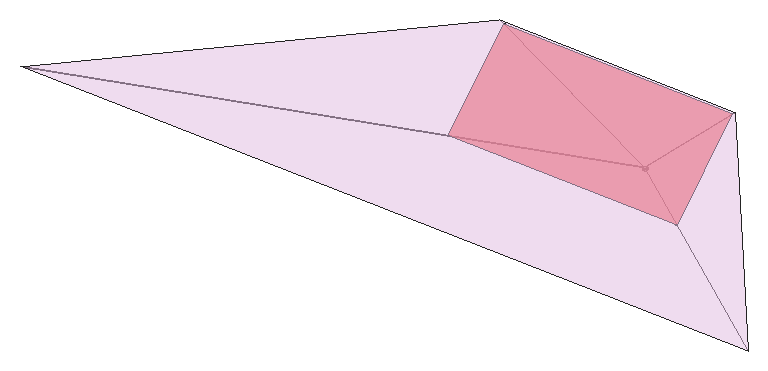
Revit family "Camera-Security-Panasonic-Super_Dynamic-Vandal_Resistant-Waterproof-H265_iA-Network-U2530LSeriesX", category Security Devices, host Face, Revit 2019
Family settings
  Host = Face
  Maintain Annotation Orientation = No
  Round Connector Dimension = Use Diameter
  Part Type = Normal
  OmniClass Number = 23.85.10.14.11
  OmniClass Title = Cameras
  Cut with Voids When Loaded = No
  Shared = No
  Room Calculation Point = No
Parameters (values of type "WV-U2530L")
  z Zero = 0.000"  # constant formula
  z Yaw Actual [instance] = if(and(On Wall, not(On Ceiling)), Yaw Actual, Yaw Actual + 180.00°)  # 180.00°
  z VV Viewpoint Depth Min = 0.84913"  # constant formula
  z VV Viewpoint Depth Max = 0.84913"  # constant formula
  z VV Viewpoint Depth [instance] = (z VV Viewpoint Depth Max - z VV Viewpoint Depth Min) * z HFOV Ratio + z VV Viewpoint Depth Min  # 0.84913"
  z VV Origin Horizontal Offset [instance] = 0.000"  # constant formula
  z VV Origin Height [instance] = 1.24803"  # constant formula
  z VV Origin Angle [instance] = 0.00°  # constant formula
  z Tilt Actual [instance] = Tilt Actual  # 45.00°
  z Pan Actual Safe [instance] = if(Pan Actual = -180.00°, 180.00°, Pan Actual)  # 0.00°
  z Pan Actual [instance] = Pan Actual  # 0.00°
  z Level Offset = 19.68504"
  z Has Ceiling Mount Bracket = (1 = 0)  # no
  z Half Height of LowerBase = (z Base Height - 0.500") / 2  # 0.33858"
  z HFOV Ratio [instance] = if(Horizontal FOV Max = Horizontal FOV Min, 1, (Horizontal FOV Actual - Horizontal FOV Min) / (Horizontal FOV Max - Horizontal FOV Min))  # 1
  z Dome Radius = Height - z Base Height  # 1.26378"
  z Const Yaw Handle Length = 9.25197"  # constant formula
  z Const Yaw Base2 Length = 17.32283"  # constant formula
  z Const Yaw Base Length = 10.23622"  # constant formula
  z Const Tilt Handle Length = 11.81102"  # constant formula
  z Const Tilt Base2 Length = 19.68504"  # constant formula
  z Const Tilt Base Length = 9.84252"  # constant formula
  z Const Pan Handle Length = 19.48819"  # constant formula
  z Camera Center Offset [instance] = if(z Has Wall Mount Bracket, 0.51181", 0.000")  # 0.000"
  z Camera Bottom Height [instance] = 19.68504"
  z Camera Angle [instance] = if(z Has Wall Mount Bracket, 0.00°, 90.00°)  # 90.00°
  z Base Radius = 2.14567"  # constant formula
  z Base Height = 1.17717"  # constant formula
  Yawing Range = "-100 to +100"  # constant formula
  Yaw Min = -100.00°  # constant formula
  Yaw Max = 100.00°  # constant formula
  Yaw Desired [instance] = 0.00°
  Yaw Actual [instance] = if(Yaw Desired > Yaw Max, Yaw Max, if(Yaw Desired < Yaw Min, Yaw Min, Yaw Desired))  # 0.00°
  Wide Dynamic Range = yes
  Weight [instance] = 0.60 lbf  # constant formula
  Water and Dust Resistance = "IP66 (IEC 60529), Type 4X (UL50E), NEMA 4X compliant"  # constant formula
  Voltage DC = 48 V  # constant formula
  Vertical FOV Min [instance] = if(and(Aspect Ratio 4_3, not(Aspect Ratio 16_9)), VFOV Min 43, VFOV Min 169)  # 54.00°
  Vertical FOV Max [instance] = if(and(Aspect Ratio 4_3, not(Aspect Ratio 16_9)), VFOV Max 43, VFOV Max 169)  # 54.00°
  Vertical FOV Actual [instance] = z HFOV Ratio * (Vertical FOV Max - Vertical FOV Min) + Vertical FOV Min  # 54.00°
  Vandal Resistant = yes
  VFOV Min 43 = 60.00°
  VFOV Min 169 = 54.00°
  VFOV Max 43 = 60.00°
  VFOV Max 169 = 54.00°
  URL = "http://security.panasonic.com/pss/security/"
  Tilting Range = "-30 to +80"  # constant formula
  Tilt Min = -30.00°  # constant formula
  Tilt Max = 80.00°  # constant formula
  Tilt Desired [instance] = 45.00°
  Tilt Actual [instance] = if(Tilt Desired > Tilt Max, Tilt Max, if(Tilt Desired < Tilt Min, Tilt Min, Tilt Desired))  # 45.00°
  Storage Temperature = Operational Temperature  # "-30 °C to +50 °C (-22 °F to +122 °F)"
  Show View Volume [instance] = yes
  Shock Resistance = "IK10 (IEC 62262)"  # constant formula
  Resolution_WQHD [instance] = and(not(Resolution_FullHD), Camera Type = 2540)  # no
  Resolution_HD [instance] = and(not(Resolution_FullHD), Camera Type = 2530)  # no
  Resolution_FullHD [instance] = yes
  Regulatory Compliance = "UL (UL60950-1), c-UL (CSA C22.2 No.60950-1), CE, IEC60950-1, FCC (Part15 ClassA), ICES003 ClassA, EN55032 ClassB, EN55024"  # constant formula
  Provide Feedback = "https://www.surveymonkey.com/s/95FL6QY"
  Product Page URL = "https://security.panasonic.com/products_technology/products/wv-u2530l/"
  Product Material = Paint - Panasonic - i-PRO White
  Product Documentation Link = "https://bizpartner.panasonic.net/public/ppr/product/11183?accordion_tab=1134"
  Power Active = 4.8 W
  Part Number = Model  # "WV-U2530L"
  Part Description = Description  # "Security Camera, Fixed Dome, Network, Super Dynamic Vandal Resistant  Weatherproof, H.265 iA, FullHD, WV-U2530L"
  Panning Range = "-175 to +175"  # constant formula
  Pan Min = -175.00°  # constant formula
  Pan Max = 175.00°  # constant formula
  Pan Desired [instance] = 0.00°
  Pan Actual [instance] = if(Pan Desired > Pan Max, Pan Max, if(Pan Desired < Pan Min, Pan Min, Pan Desired))  # 0.00°
  PPM Desired [instance] = 300
  PPM Actual [instance] = if(PPM Desired > 1, PPM Desired, 1)  # 300
  Original Creation Date = "2020/04/07"  # constant formula
  Operational Temperature = "-30 °C to +50 °C (-22 °F to +122 °F)"  # constant formula
  Operational Humidity = "10 to 100 % (no condensation)"  # constant formula
  On Wall [instance] = not(On Ceiling)  # no
  On Ceiling [instance] = yes
  Mounting Positions = "Surface Mount"  # constant formula
  Model Disclaimer = "Contact Panasonic for more information"  # constant formula
  Model = "WV-U2530L"
  Minimum Illumination = 0.100 lx
  Manufacturer = "Panasonic"  # constant formula
  Indoor Or Outdoor = "Outdoor"  # constant formula
  IP Or Analog = "IP"  # constant formula
  Horizontal Resolution Actual [instance] = if(and(Aspect Ratio 4_3, not(Aspect Ratio 16_9)), Horizontal Resolution 43, Horizontal Resolution 169)  # 1920
  Horizontal Resolution 43 [instance] = if(Resolution_FullHD, 1600, if(Resolution_HD, 1280, 1600))  # 1600
  Horizontal Resolution 169 [instance] = if(Resolution_FullHD, 1920, if(Resolution_WQHD, 2560, if(Resolution_HD, 1280, 1920)))  # 1920
  Horizontal FOV Min [instance] = if(and(Aspect Ratio 4_3, not(Aspect Ratio 16_9)), HFOV Min 43, HFOV Min 169)  # 100.00°
  Horizontal FOV Max [instance] = if(and(Aspect Ratio 4_3, not(Aspect Ratio 16_9)), HFOV Max 43, HFOV Max 169)  # 100.00°
  Horizontal FOV Desired [instance] = 60.00°
  Horizontal FOV Actual [instance] = if(Horizontal FOV Desired > Horizontal FOV Max, Horizontal FOV Max, if(Horizontal FOV Desired < Horizontal FOV Min, Horizontal FOV Min, Horizontal FOV Desired))  # 100.00°
  Height = 2.44094"  # constant formula
  z Has Wall Mount Bracket = (1 = 0)  # no
  Has POE = yes
  HFOV Min 43 = 81.00°
  HFOV Min 169 = 100.00°
  HFOV Max 43 = 81.00°
  HFOV Max 169 = 100.00°
  Family Version = "1.0.0"  # constant formula
  Equipment Number [instance] = ""
  Equipment Abbreviation = "SC"
  Distance to Screen [instance] = 393.70079"
  Distance to PPM Target [instance] = if(PPM Actual = 0, 0.000", 39.37008" * Horizontal Resolution Actual / (PPM Actual * 2 * tan(Horizontal FOV Actual / 2)))  # 105.71334"
  Distance to Floor [instance] = 118.11024"
  Distance to Ceiling [instance] = 0.000"
  Diameter = 4.29134"  # constant formula
  Description = "Security Camera, Fixed Dome, Network, Super Dynamic Vandal Resistant  Weatherproof, H.265 iA, FullHD, WV-U2530L"
  Default Elevation = 0.000"
  Day Or Night = "Yes"  # constant formula
  Date Last Modified = "2020/04/07"  # constant formula
  Copyright = "Copyright © Panasonic"  # constant formula
  Communication Ports = "10Base-T / 100Base-TX, RJ45 connector"  # constant formula
  Camera Type = 2530
  Audio Out = "N/A"  # constant formula
  Audio In = "N/A"  # constant formula
  Aspect Ratio 4_3 [instance] = and(not(Aspect Ratio 16_9), Camera Type = 2530)  # no
  Aspect Ratio 16_9 [instance] = yes
  Angle Of View = "100"
  Alarm Input Or Output Specification = "N/A"  # constant formula
  Accessory Part Number [instance] = Accessory Part  # "WV-QDC500S"
  Accessory Part = "WV-QDC500S"  # constant formula
Types (2): name | VFOV Min 43 | VFOV Max 43 | Resolution_WQHD | Resolution_FullHD | Product Page URL | Product Documentation Link | Power Active | Part Number | Part Description | Model | Minimum Illumination | Horizontal Resolution Actual | Horizontal Resolution 169 | HFOV Min 43 | HFOV Max 43 | Distance to PPM Target | Description | Camera Type
  WV-U2530L | 60.00° | 60.00° | no | yes | "https://security.panasonic.com/products_technology/products/wv-u2530l/" | "https://bizpartner.panasonic.net/public/ppr/product/11183?accordion_tab=1134" | 4.8 W | "WV-U2530L" | "Security Camera, Fixed Dome, Network, Super Dynamic Vandal Resistant  Weatherproof, H.265 iA, FullHD, WV-U2530L" | "WV-U2530L" | 0.100 lx | 1920 | 1920 | 81.00° | 81.00° | 105.71334" | "Security Camera, Fixed Dome, Network, Super Dynamic Vandal Resistant  Weatherproof, H.265 iA, FullHD, WV-U2530L" | 2530
  WV-U2540L | 54.00° | 54.00° | yes | no | "https://security.panasonic.com/products_technology/products/wv-u2540l/" | "https://bizpartner.panasonic.net/public/ppr/product/11184?accordion_tab=1134" | 5.3 W | "WV-U2540L" | "Security Camera, Fixed Dome, Network, Super Dynamic Vandal Resistant  Weatherproof, H.265 iA, WQHD, WV-U2540L" | "WV-U2540L" | 0.300 lx | 2560 | 2560 | 100.00° | 100.00° | 140.95112" | "Security Camera, Fixed Dome, Network, Super Dynamic Vandal Resistant  Weatherproof, H.265 iA, WQHD, WV-U2540L" | 2540
Reference planes (in)
  plane 1 "Center (Front/Back)": y = 0
  plane 2: z = 0
  plane 3 "Center (Left/Right)": x = 0
  plane 4 "Body Bottom": z = 0
  plane 5: y = 0
  plane 6: z = 15.43307
  plane 7 "Level Offset": z = -19.68504
  plane 8: y = 2.8937
  plane 9 "BP": z = 1.24803
  plane 10: z = 1.17717
  plane 11: x = 2.14567
Forms (in)
  Revolve 1, solid
    sketch origin (0, 0, 1.06947) x (0, 0, 1) y (1, 0, 0)
      loop
        line (1.37148, 0) -> (0.1077, 0) -> (0.1077, -1.26378)
        arc (0.1077, -1.26378) -> (1.00133, -0.89363) -> (1.37148, 0) r 1.26378
      axis (1.37148, 0) -> (0.1077, 0)
    angle from 0 to 360
  Revolve 2, solid, material "Paint - Panasonic - i-PRO White" <- "Product Material"
    sketch origin (0, 0, 0) x (0, 0, 1) y (1, 0, 0)
      loop
        line (0, 0) -> (1.17717, 0) -> (1.17717, 1.55906) -> (0.59055, 2.14567) -> (0, 2.14567) -> (0, 0)
      axis (1.17717, 0) -> (0, 0)
    angle from 0 to 360
  Revolve 3, solid, material "Paint - Panasonic - i-PRO White" <- "Product Material", not visible
    sketch origin (0, 0, 0) x (0, 0, 1) y (0, -1, 0)
      loop
        line (1.17717, 0) -> (1.09843, 0) -> (1.09843, -1.26378) -> (1.17717, -1.26378) -> (1.17717, 0)
      axis (1.09843, 0) -> (1.17717, 0)
    angle from 0 to 360
Lines and regions (in)
  reference lines
    curve 1: line (0, 0, 0) -> (0, 0, 1.17717)
    curve 2: line (0, -1, 9.86467) -> (0, 1, 9.86467)
  symbolic lines, visible <- "z Has Wall Mount Bracket"
    curve 3: line (-1.15, -2.6875, 0) -> (1.15, -2.6875, 0)
Dimensions and locks (in)
  "z Camera Center Offset": plane 5 to plane 1 "Center (Front/Back)"
  "z Base Height": curve 1 to curve 1
  "z Dome Radius": Revolve 1 sketch curve to Revolve 1 sketch curve
  plane 8 to plane 5 = 2.8937"
  "z Dome Radius": Revolve 3 sketch curve to Revolve 3 sketch curve
  "z VV Origin Height": plane 9 "BP" to host face
  "z Level Offset": level to plane 7 "Level Offset"
  "z Camera Bottom Height": plane 4 "Body Bottom" to plane 7 "Level Offset"
  "z Base Height": plane 10 to level
  "z Base Radius": plane 11 to plane 3 "Center (Left/Right)"
  "z Dome Radius": radius of Revolve 1 sketch curve
  "z Camera Angle": angle curve 1 to plane 4 "Body Bottom"
  aligned and locked: plane 2 to host face
  aligned and locked: level to host face
  aligned and locked: plane 4 "Body Bottom" to curve 1
  aligned and locked: plane 5 to curve 1
  aligned and locked: Revolve 1 to curve 1
  aligned and locked: Revolve 1 sketch curve to curve 1  (x2)
  aligned and locked: curve 1 to Revolve 3 sketch curve
  aligned and locked: nested 1 to plane 3 "Center (Left/Right)"
  aligned and locked: nested 1 to plane 1 "Center (Front/Back)"
  aligned and locked: Revolve 2 sketch curve to plane 10
  aligned and locked: plane 11 to Revolve 2 sketch curve
Automatic sketch dimensions
  host sketch curve to host sketch curve = 96.000"  (x2)
  curve 3 to plane 3 "Center (Left/Right)" = 1.150"
  plane 3 "Center (Left/Right)" to curve 3 = 1.150"
  curve 1 to curve 2 = 1.000"
  curve 1 to curve 2 = 8.6875"
  curve 2 to curve 1 = 1.000"
  plane 1 "Center (Front/Back)" to curve 3 = 2.6875"
  Revolve 1 sketch curve to curve 1 = 0.000"
  Revolve 1 sketch curve to Revolve 1 sketch curve = 6.57187"
  Revolve 1 sketch curve to Revolve 1 sketch curve = 3.750"
  Revolve 3 sketch curve to curve 1 = 0.07874"
  Revolve 3 sketch curve to curve 1 = 0.000"  (x4)
  Revolve 2 sketch curve to curve 1 = 0.000"  (x3)
  curve 1 to Revolve 2 sketch curve = 1.55906"
  Revolve 2 sketch curve to curve 1 = 0.58661"
  Revolve 2 sketch curve to Revolve 2 sketch curve = 0.45341"
  curve 1 to Revolve 2 sketch curve = 0.35909"
Nested families (in)
  nested 1: "Camera-Security-Panasonic-ViewVolumePTYZ" at (0, 0, 1.24803), Viewpoint Depth <- "z VV Viewpoint Depth", Base Height Offset <- "z VV Origin Height", Base Angle Offset <- "z VV Origin Angle", Viewpoint Origin Horizontal Offset <- "z VV Origin Horizontal Offset", Yaw <- "Yaw Actual", Tilt <- "Tilt Actual", Pan <- "Pan Actual", HFOV <- "Horizontal FOV Actual", VFOV <- "Vertical FOV Actual", On Wall <- "On Wall", On Ceiling <- "On Ceiling", Screen Depth <- "Distance to Screen", Floor Distance <- "Distance to Floor", Ceiling Distance <- "Distance to Ceiling", Target Depth <- "Distance to PPM Target", visible <- "Show View Volume", type "Camera-Security-Panasonic-ViewVolumePTYZ"
    with z Yaw Actual 0.00°, z Void Width 1729.98456", z Void Thickness 395.79795", z Void Height Start -864.99228", z Void Height End 864.99228", z Void Direction 0, z Void Angle 0.00°, z Viewpoint Depth 0.84913", z Tilt Actual 45.00°, z Target Width 251.9685", z Target Visible yes, z Target Height 107.72727", z Target Depth 106.56247", z Screen Width 938.38866", z Screen Height 401.20114", z Screen Depth 394.54992", z Pan Actual 0.00°, z Floor Distance 118.11024", z Ceiling Distance 0.000", Yaw 0.00°, Viewpoint Origin Horizontal Offset 0.000", Viewpoint Depth 0.84913", VFOV 54.00°, Tilt 45.00°, Target Depth 105.71334", Screen Depth 393.70079", Pan 0.00°, On Wall no, On Floor no, On Default Mount Type 0, On Ceiling yes, HFOV 100.00°, Floor Distance 118.11024", Ceiling Distance 0.000", Base Height Offset 1.24803", Base Angle Offset 0.00°
Connectors (in)
  electrical at (0, 0, 0), driven by "Voltage DC", driven by "Power Active"
    settings: on Revolve 2, index 1, voltage 48 V, apparent load 4.8 W, apparent load phase1 0.0 W, apparent load phase2 0.0 W, apparent load phase3 0.0 W, power factor 1, load classification "Other", number of poles 1, system type 30, power factor state 1, is connector primary yes, connector utility no, sub classification motor no, connector description "Electrical Connection"
  electrical at (0, 0, 0)
    settings: on Revolve 2, index 2, voltage 0 V, apparent load 0.0 W, apparent load phase1 0.0 W, apparent load phase2 0.0 W, apparent load phase3 0.0 W, power factor 1, load classification "Other", number of poles 1, system type 5, power factor state 1, is connector primary no, connector utility no, sub classification motor no, connector description "Data Connection"
Definition of nested family "Camera-Security-Panasonic-ViewVolumePTYZ"
  Parameters
    z Yaw Actual [instance] = if(Yaw < 0.00°, 360.00° - (abs(Yaw) - rounddown(abs(Yaw) / 360.00°) * 360.00°), Yaw - rounddown(Yaw / 360.00°) * 360.00°)  # 0.00°
    z Void Width [instance] = if(z Screen Width > z Screen Height, z Screen Width, z Screen Height) + abs(Viewpoint Origin Horizontal Offset) + z Void Thickness * 2  # 1265.63013"
    z Void Thickness [instance] = z Screen Depth + abs(Base Height Offset)  # 405.51181"
    z Void Height Start [instance] = -z Void Width / 2  # -632.81507"
    z Void Height End [instance] = z Void Width / 2  # 632.81507"
    z Void Direction [instance] = if((if(On Wall, 1, 0) + if(On Floor, 1, 0) + if(On Ceiling, 1, 0)) = 1, if(On Ceiling, 0, if(On Wall, 1, 2)), On Default Mount Type)  # 0
    z Viewpoint Depth [instance] = if(Viewpoint Depth < 0.03937", 0.03937", Viewpoint Depth)  # 5.90551"
    z Tilt Actual [instance] = if(Tilt < 0.00°, 360.00° - (abs(Tilt) - rounddown(abs(Tilt) / 360.00°) * 360.00°), Tilt - rounddown(Tilt / 360.00°) * 360.00°)  # 45.00°
    z Target Visible [instance] = not(Screen Depth < Target Depth)  # yes
    z Target Thickness Start = -z Target Thickness / 2  # -0.03937"
    z Target Thickness End = z Target Thickness / 2  # 0.03937"
    z Target Depth [instance] = Target Depth + Viewpoint Depth  # 84.64567"
    z Pan Actual [instance] = if(Pan < 0.00°, 360.00° - (abs(Pan) - rounddown(abs(Pan) / 360.00°) * 360.00°), Pan - rounddown(Pan / 360.00°) * 360.00°)  # 0.00°
    z Floor Distance [instance] = if(z Void Direction = 2, if(Floor Distance < 0.000", 0.000", Floor Distance), if(Floor Distance < 0.3937", 0.3937", Floor Distance))  # 118.11024"
    z Const Yaw Base2 Length = 17.32283"  # constant formula
    z Const Tilt Base2 Length = 19.68504"  # constant formula
    z Ceiling Distance [instance] = if(z Void Direction = 2, if(Ceiling Distance < 0.3937", 0.3937", Ceiling Distance), if(Ceiling Distance < 0.000", 0.000", Ceiling Distance))  # 0.000"
    z Const Void Handle Length = 23.62205"  # constant formula
    z Void Angle [instance] = if(z Void Direction = 0, 0.00° + Base Angle Offset, if(z Void Direction = 1, 90.00° + Base Angle Offset, 180.00° + Base Angle Offset))  # 0.00°
    z Screen Depth [instance] = if(Screen Depth < 3.93701", 3.93701" + Viewpoint Depth, Screen Depth + Viewpoint Depth)  # 399.6063"
    Original Creation Date = "September, 15, 2016"  # constant formula
    On Default Mount Type [instance] = 0
    Manufacturer = "Panasonic"  # constant formula
    Family Version = "1.0.0"  # constant formula
    Default Elevation = 48.000"
    Date Last Modified = "September, 15, 2016"  # constant formula
    Copyright = "Copyright © Panasonic"  # constant formula
    Base Height Offset [instance] = 5.90551"
    Base Angle Offset [instance] = 0.00°
    z Viewpoint Width = 0.03937"  # constant formula
    z Viewpoint Height = 0.03937"  # constant formula
    VFOV [instance] = 33.75°
    z Target Width [instance] = Target Depth * tan(HFOV / 2) * 2  # 90.9213"
    z Target Thickness = 0.07874"  # constant formula
    z Target Height [instance] = Target Depth * tan(VFOV / 2) * 2  # 47.77113"
    Target Depth [instance] = 78.74016"
    z Screen Width [instance] = (z Screen Depth - Viewpoint Depth) * tan(HFOV / 2) * 2  # 454.60651"
    z Screen Height [instance] = (z Screen Depth - Viewpoint Depth) * tan(VFOV / 2) * 2  # 238.85566"
    Screen Depth [instance] = 393.70079"
    z Const Yaw Handle Length = 9.25197"  # constant formula
    z Const Yaw Base Length = 10.23622"  # constant formula
    Viewpoint Depth [instance] = 5.90551"
    Viewpoint Origin Horizontal Offset [instance] = 0.000"
    z Const Tilt Handle Length = 14.17323"  # constant formula
    z Const Tilt Base Length = 9.84252"  # constant formula
    z Const Pan Handle Length = 19.68504"  # constant formula
    z Const Pan Axis Length = 15.74803"  # constant formula
    On Wall [instance] = no
    On Floor [instance] = no
    On Ceiling [instance] = yes
    HFOV [instance] = 60.00°
    Yaw [instance] = 0.00°
    Tilt [instance] = 45.00°
    Pan [instance] = 0.00°
    Floor Distance [instance] = 118.11024"
    Ceiling Distance [instance] = 0.000"
  Reference planes (in)
    plane 1 "Center (Front/Back)": y = 0
    plane 2: z = 0
    plane 3 "Center (Left/Right)": x = 0
    plane 4 "VoidOffsetBase": z = -5.90551
  Forms (in)
    Extrusion 1, void
      sketch origin (0, 0, -5.90551) x (0, 0, 1) y (0, -1, 0)
        loop
          line (523.62205, 632.81507) -> (118.11024, 632.81507) -> (118.11024, -632.81507) -> (523.62205, -632.81507) -> (523.62205, 632.81507)
        loop
          line (0, 632.81507) -> (-405.51181, 632.81507) -> (-405.51181, -632.81507) -> (0, -632.81507) -> (0, 632.81507)
      from -632.81507 <- "z Void Height Start" to 632.81507 <- "z Void Height End"
    Blend 2, solid
      base sketch origin (0, -4.17583, 4.17583) x (0, 0.707107, 0.707107) y (-1, 0, 0)
        loop
          line (-0.01969, -0.01969) -> (0.01969, -0.01969) -> (0.01969, 0.01969) -> (-0.01969, 0.01969) -> (-0.01969, -0.01969)
      top sketch origin (0, -282.56432, 282.56432) x (0, 0.707107, 0.707107) y (-1, 0, 0)
        loop
          line (-119.42783, -227.30326) -> (119.42783, -227.30326) -> (119.42783, 227.30326) -> (-119.42783, 227.30326) -> (-119.42783, -227.30326)
      from 0 to 0
    Extrusion 3, solid, visible <- "z Target Visible"
      sketch origin (0, -59.85353, 59.85353) x (0, 0.707107, 0.707107) y (-1, 0, 0)
        loop
          line (-23.88557, -45.46065) -> (23.88557, -45.46065) -> (23.88557, 45.46065) -> (-23.88557, 45.46065) -> (-23.88557, -45.46065)
      from -0.03937 <- "z Target Thickness Start" to 0.03937 <- "z Target Thickness End"
  Cuts and joins
    Extrusion 1 cuts Blend 2
    Extrusion 1 cuts Extrusion 3
  Lines and regions (in)
    reference lines
      curve 1: line (0, 0, 0) -> (19.68504, 0, 0)
      curve 2: line (0, 0, -15.74803) -> (0, 0, 0)
      curve 3: line (0, 0, 0) -> (0, -9.84252, 0)
      curve 4: line (0, 0, 0) -> (0, 0, 19.68504)
      curve 5: line (0, -10.02199, 10.02199) -> (0, 0, 0)
      curve 6: line (0, 0, 0) -> (0, 7.2381, 7.2381)
      curve 7: line (0, 0, 0) -> (-17.32283, 0, 0)
      curve 8: line (0, 0, 0) -> (-9.25197, 0, 0)
      curve 9: line (0, -4.17583, 4.17583) -> (0, 0, 0)
      curve 10: line (0, 0, 0) -> (0, -59.85353, 59.85353)
      curve 11: line (0, 0, 0) -> (0, -282.56432, 282.56432)
      curve 12: line (-0.01969, -4.16191, 4.18975) -> (0.01969, -4.16191, 4.18975)
      curve 13: line (-0.01969, -4.18975, 4.16191) -> (0.01969, -4.18975, 4.16191)
      curve 14: line (-0.01969, -4.16191, 4.18975) -> (-0.01969, -4.18975, 4.16191)
      curve 15: line (0.01969, -4.16191, 4.18975) -> (0.01969, -4.18975, 4.16191)
      curve 16: line (-45.46065, -42.96388, 76.74317) -> (45.46065, -42.96388, 76.74317)
      curve 17: line (-45.46065, -76.74317, 42.96388) -> (45.46065, -76.74317, 42.96388)
      curve 18: line (-45.46065, -42.96388, 76.74317) -> (-45.46065, -76.74317, 42.96388)
      curve 19: line (45.46065, -42.96388, 76.74317) -> (45.46065, -76.74317, 42.96388)
      curve 20: line (-227.30326, -198.1161, 367.01255) -> (-227.30326, -367.01255, 198.1161)
      curve 21: line (227.30326, -198.1161, 367.01255) -> (227.30326, -367.01255, 198.1161)
      curve 22: line (-227.30326, -198.1161, 367.01255) -> (227.30326, -198.1161, 367.01255)
      curve 23: line (-227.30326, -367.01255, 198.1161) -> (227.30326, -367.01255, 198.1161)
      curve 24: line (0, 0, -5.90551) -> (0, 0, 17.71654)
      curve 25: line (0, -632.81507, 517.71654) -> (0, 632.81507, 517.71654)
      curve 26: line (0, -632.81507, 112.20472) -> (0, -632.81507, 517.71654)
      curve 27: line (0, 632.81507, 112.20472) -> (0, -632.81507, 112.20472)
      curve 28: line (0, 632.81507, 517.71654) -> (0, 632.81507, 112.20472)
      curve 29: line (0, -632.81507, -5.90551) -> (0, 632.81507, -5.90551)
      curve 30: line (0, -632.81507, -411.41732) -> (0, -632.81507, -5.90551)
      curve 31: line (0, 632.81507, -411.41732) -> (0, -632.81507, -411.41732)
      curve 32: line (0, 632.81507, -5.90551) -> (0, 632.81507, -411.41732)
  Dimensions and locks (in)
    "z Const Pan Handle Length": curve 1 to curve 1
    "z Const Pan Axis Length": curve 2 to curve 2
    "z Const Tilt Base Length": curve 3 to curve 3
    "z Const Pan Axis Length": curve 1 to curve 2
    "Viewpoint Origin Horizontal Offset": curve 4 to curve 2
    "z Const Tilt Base2 Length": curve 4 to curve 4
    "z Const Tilt Handle Length": curve 5 to curve 5
    "z Const Yaw Base Length": curve 6 to curve 6
    "z Const Yaw Base2 Length": curve 7 to curve 7
    "z Const Yaw Handle Length": curve 8 to curve 8
    "z Viewpoint Depth": curve 9 to curve 9
    "z Target Depth": curve 10 to curve 10
    "z Screen Depth": curve 11 to curve 11
    equal spacing: curve 13, curve 9, curve 12
    "z Viewpoint Height": curve 13 to curve 12
    equal spacing: curve 14, curve 9, curve 15
    "z Viewpoint Width": curve 14 to curve 15
    equal spacing: curve 17, curve 10, curve 16
    "z Target Height": curve 17 to curve 16
    equal spacing: curve 18, curve 10, curve 19
    "z Target Width": curve 18 to curve 19
    equal spacing: curve 20, curve 11, curve 21
    "z Screen Width": curve 20 to curve 21
    equal spacing: curve 23, curve 11, curve 22
    "z Screen Height": curve 23 to curve 22
    "z Const Void Handle Length": curve 24 to curve 24
    equal spacing: curve 26, curve 24, curve 28
    "z Void Width": curve 26 to curve 28
    "z Floor Distance": curve 27 to curve 24
    "z Ceiling Distance": curve 29 to curve 24
    "z Void Thickness": curve 31 to curve 29
    "z Void Thickness": curve 25 to curve 27
    "Base Height Offset": level to plane 4 "VoidOffsetBase"
    locked: curve 3 to curve 2 (angle 90.00°)
    locked: curve 3 to curve 4 (angle 90.00°)
    "z Tilt Actual": angle curve 4 to curve 5
    locked: curve 6 to curve 7 (angle 90.00°)
    locked: curve 6 to curve 5 (angle 90.00°)
    locked: curve 9 to curve 5 (angle 0.00°)
    locked: curve 10 to curve 5 (angle 0.00°)
    locked: curve 11 to curve 5 (angle 0.00°)
    "z Void Angle": angle plane 1 "Center (Front/Back)" to curve 24
    "z Yaw Actual": angle curve 7 to curve 8
    "z Pan Actual": angle plane 1 "Center (Front/Back)" to curve 1
    aligned and locked: level to plane 2
    aligned and locked: curve 2 to curve 1
    aligned and locked: curve 2 to curve 3
    aligned and locked: curve 3 to curve 2
    aligned and locked: curve 3 to curve 5
    aligned and locked: curve 6 to curve 7
    aligned and locked: curve 6 to curve 8
    aligned and locked: curve 8 to curve 7
    aligned and locked: curve 7 to curve 6
    aligned and locked: curve 5 to curve 11
    aligned and locked: curve 11 to curve 8
    aligned and locked: curve 12 to curve 15
    aligned and locked: curve 15 to curve 15
    aligned and locked: curve 14 to curve 14
    aligned and locked: curve 13 to curve 15
    aligned and locked: curve 16 to curve 19
    aligned and locked: curve 18 to curve 18
    aligned and locked: curve 17 to curve 19
    aligned and locked: curve 22 to curve 22
    aligned and locked: curve 21 to curve 23
    aligned and locked: curve 20 to curve 23
    aligned and locked: curve 23 to curve 23
    aligned and locked: plane 1 "Center (Front/Back)" to curve 24
    aligned and locked: curve 30 to curve 26
    aligned and locked: curve 28 to curve 32
    aligned and locked: Extrusion 1 sketch curve to curve 25
    aligned and locked: Extrusion 1 sketch curve to curve 26
    aligned and locked: Extrusion 1 sketch curve to curve 27
    aligned and locked: Extrusion 1 sketch curve to curve 28
    aligned and locked: Extrusion 1 sketch curve to curve 29
    aligned and locked: Extrusion 1 sketch curve to curve 30
    aligned and locked: Extrusion 1 sketch curve to curve 31
    aligned and locked: Extrusion 1 sketch curve to curve 32
    aligned and locked: Extrusion 1 sketch curve to Extrusion 1 sketch curve  (x8)
    aligned and locked: Blend 2 sketch curve to curve 15
    aligned and locked: Blend 2 sketch curve to curve 13
    aligned and locked: Blend 2 sketch curve to curve 14
    aligned and locked: Blend 2 sketch curve to curve 12
    aligned and locked: Blend 2 sketch curve to Blend 2 sketch curve  (x8)
    aligned and locked: Blend 2 sketch curve to curve 21
    aligned and locked: Blend 2 sketch curve to curve 23
    aligned and locked: Blend 2 sketch curve to curve 20
    aligned and locked: Blend 2 sketch curve to curve 22
    aligned and locked: Extrusion 3 sketch curve to curve 19
    aligned and locked: Extrusion 3 sketch curve to curve 17
    aligned and locked: Extrusion 3 sketch curve to curve 18
    aligned and locked: Extrusion 3 sketch curve to curve 16
    aligned and locked: Extrusion 3 sketch curve to Extrusion 3 sketch curve  (x4)
    aligned and locked: plane 3 "Center (Left/Right)" to curve 1
    aligned and locked: plane 1 "Center (Front/Back)" to curve 1
    aligned and locked: level to curve 2
    aligned and locked: plane 4 "VoidOffsetBase" to curve 24
  Automatic sketch dimensions
    curve 6 to curve 5 = 0.000"
    curve 6 to curve 5 = 10.23622"
